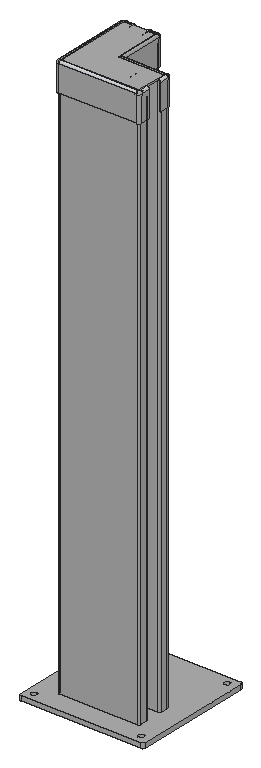
Revit family "Hjørnestolpe bunnplate", category Balusters, Revit 2019
Family settings
  OmniClass Number = 23.30.80.11.11.14
  OmniClass Title = Posts, Newel Posts, Pickets
  Always vertical = Yes
  Cut with Voids When Loaded = No
  Shared = No
Parameters (values of type "Hjørnestolpe bunnplate")
  built-in parameter 1008623 [instance] = (empty or 0)
  built-in parameter 1008625 [instance] = (empty or 0)
  Post = no
  Material = Stål 316
  built-in parameter 1008624 [instance] = (empty or 0)
  built-in parameter 1008622 [instance] = 750 mm
Types (2, lengths in mm): name | Material
  Hjørnestolpe bunnplate | Stål 316
  Hjørnestolpe bunnplate_sort | Pulverlakkert stål RAL 7021
Reference planes
  plane 1 "Center (Front/Back)": y = 0
  plane 2: z = 0
  plane 3 "Center (Left/Right)": x = 0
  plane 4 "Top": z = 750
  plane 5 "Top of Post": z = 1010
Forms (mm)
  Extrusion 1, solid, material "Stål 316" <- "Material"
    sketch origin (40, 40, 0) x (0, 1, 0) y (-1, 0, 0)
      loop
        arc (-110, -105) -> (-108.536, -108.536) -> (-105, -110) r 5
        line (-105, -110) -> (105, -110)
        arc (105, -110) -> (108.536, -108.536) -> (110, -105) r 5
        line (110, -105) -> (110, 105)
        arc (110, 105) -> (108.536, 108.536) -> (105, 110) r 5
        line (105, 110) -> (-105, 110)
        arc (-105, 110) -> (-108.536, 108.536) -> (-110, 105) r 5
        line (-110, 105) -> (-110, -105)
      loop
        circle (-95, 95) r 5
      loop
        circle (95, 95) r 5
      loop
        circle (95, -95) r 5
      loop
        circle (-95, -95) r 5
    from 0 to 8
  Extrusion 2, solid, material "Stål 316" <- "Material"
    sketch origin (40, 40, 0) x (0, 1, 0) y (-1, 0, 0)
      loop
        line (-72, 68.5) -> (-72, -69.5)
        arc (-72, -69.5) -> (-70.975, -71.975) -> (-68.5, -73) r 3.5
        line (-68.5, -73) -> (-56.5, -73)
        arc (-56.5, -73) -> (-54.025, -71.975) -> (-53, -69.5) r 3.5
        line (-53, -69.5) -> (-53, -37.5)
        arc (-53, -37.5) -> (-52.561, -36.439) -> (-51.5, -36) r 1.5
        line (-51.5, -36) -> (-28.5, -36)
        arc (-28.5, -36) -> (-27.439, -36.439) -> (-27, -37.5) r 1.5
        line (-27, -37.5) -> (-27, -69.5)
        arc (-27, -69.5) -> (-25.975, -71.975) -> (-23.5, -73) r 3.5
        line (-23.5, -73) -> (-11.5, -73)
        arc (-11.5, -73) -> (-9.025, -71.975) -> (-8, -69.5) r 3.5
        line (-8, -69.5) -> (-8, 6.5)
        arc (-8, 6.5) -> (-7.561, 7.561) -> (-6.5, 8) r 1.5
        line (-6.5, 8) -> (69.5, 8)
        arc (69.5, 8) -> (71.975, 9.025) -> (73, 11.5) r 3.5
        line (73, 11.5) -> (73, 23.5)
        arc (73, 23.5) -> (71.975, 25.975) -> (69.5, 27) r 3.5
        line (69.5, 27) -> (37.5, 27)
        arc (37.5, 27) -> (36.439, 27.439) -> (36, 28.5) r 1.5
        line (36, 28.5) -> (36, 51.5)
        arc (36, 51.5) -> (36.439, 52.561) -> (37.5, 53) r 1.5
        line (37.5, 53) -> (69.5, 53)
        arc (69.5, 53) -> (71.975, 54.025) -> (73, 56.5) r 3.5
        line (73, 56.5) -> (73, 68.5)
        arc (73, 68.5) -> (71.975, 70.975) -> (69.5, 72) r 3.5
        line (69.5, 72) -> (-68.5, 72)
        arc (-68.5, 72) -> (-70.975, 70.975) -> (-72, 68.5) r 3.5
      loop
        arc (-28.5, -34) -> (-26.025, -35.025) -> (-25, -37.5) r 3.5
        line (-25, -37.5) -> (-25, -69.5)
        arc (-25, -69.5) -> (-24.561, -70.561) -> (-23.5, -71) r 1.5
        line (-23.5, -71) -> (-11.5, -71)
        arc (-11.5, -71) -> (-10.439, -70.561) -> (-10, -69.5) r 1.5
        line (-10, -69.5) -> (-10, 6.5)
        arc (-10, 6.5) -> (-8.975, 8.975) -> (-6.5, 10) r 3.5
        line (-6.5, 10) -> (69.5, 10)
        arc (69.5, 10) -> (70.561, 10.439) -> (71, 11.5) r 1.5
        line (71, 11.5) -> (71, 23.5)
        arc (71, 23.5) -> (70.561, 24.561) -> (69.5, 25) r 1.5
        line (69.5, 25) -> (37.5, 25)
        arc (37.5, 25) -> (35.025, 26.025) -> (34, 28.5) r 3.5
        line (34, 28.5) -> (34, 51.5)
        arc (34, 51.5) -> (35.025, 53.975) -> (37.5, 55) r 3.5
        line (37.5, 55) -> (69.5, 55)
        arc (69.5, 55) -> (70.561, 55.439) -> (71, 56.5) r 1.5
        line (71, 56.5) -> (71, 68.5)
        arc (71, 68.5) -> (70.561, 69.561) -> (69.5, 70) r 1.5
        line (69.5, 70) -> (-68.5, 70)
        arc (-68.5, 70) -> (-69.561, 69.561) -> (-70, 68.5) r 1.5
        line (-70, 68.5) -> (-70, -69.5)
        arc (-70, -69.5) -> (-69.561, -70.561) -> (-68.5, -71) r 1.5
        line (-68.5, -71) -> (-56.5, -71)
        arc (-56.5, -71) -> (-55.439, -70.561) -> (-55, -69.5) r 1.5
        line (-55, -69.5) -> (-55, -37.5)
        arc (-55, -37.5) -> (-53.975, -35.025) -> (-51.5, -34) r 3.5
        line (-51.5, -34) -> (-28.5, -34)
    from 8 to 1008
  Extrusion 3, solid, material "Stål 316" <- "Material", not visible
    sketch origin (0, 0, 0) x (1, 0, 0) y (0, 1, 0)
      loop
        arc (-32, 69) -> (-30.975, 71.475) -> (-28.5, 72.5) r 3.5
        line (-28.5, 72.5) -> (109.5, 72.5)
        arc (109.5, 72.5) -> (111.975, 71.475) -> (113, 69) r 3.5
        line (113, 69) -> (113, 53.5) -> (115, 53.5) -> (115, 69)
        arc (115, 69) -> (113.389, 72.889) -> (109.5, 74.5) r 5.5
        line (109.5, 74.5) -> (-4.19, 74.5) -> (-28.5, 74.5)
        arc (-28.5, 74.5) -> (-32.389, 72.889) -> (-34, 69) r 5.5
        line (-34, 69) -> (-34, -69)
        arc (-34, -69) -> (-32.389, -72.889) -> (-28.5, -74.5) r 5.5
        line (-28.5, -74.5) -> (-13, -74.5) -> (-13, -72.5) -> (-28.5, -72.5)
        arc (-28.5, -72.5) -> (-30.975, -71.475) -> (-32, -69) r 3.5
        line (-32, -69) -> (-32, 69)
      loop
        line (32, 8.5) -> (32, -69)
        arc (32, -69) -> (30.975, -71.475) -> (28.5, -72.5) r 3.5
        line (28.5, -72.5) -> (13, -72.5) -> (13, -74.5) -> (28.5, -74.5)
        arc (28.5, -74.5) -> (32.389, -72.889) -> (34, -69) r 5.5
        line (34, -69) -> (34, 6.5) -> (109.5, 6.5)
        arc (109.5, 6.5) -> (113.389, 8.111) -> (115, 12) r 5.5
        line (115, 12) -> (115, 27.5) -> (113, 27.5) -> (113, 12)
        arc (113, 12) -> (111.975, 9.525) -> (109.5, 8.5) r 3.5
        line (109.5, 8.5) -> (32, 8.5)
    from 960 to 1006
  Revolve 4, solid, material "Stål 316" <- "Material", not visible
    sketch origin (0, -69, 0) x (-1, 0, 0) y (0, 0, 1)
      loop
        line (28.5, 1006) -> (34, 1006)
        arc (34, 1006) -> (32.828, 1008.828) -> (30, 1010) r 4
        line (30, 1010) -> (28.5, 1010) -> (28.5, 1006)
      axis (28.5, 1006) -> (28.5, 1010)
    angle from 0 to 90
  Revolve 5, solid, material "Stål 316" <- "Material", not visible
    sketch origin (0, -69, 0) x (1, 0, 0) y (0, 0, -1)
      loop
        line (28.5, -1006) -> (28.5, -1010) -> (30, -1010)
        arc (30, -1010) -> (32.828, -1008.828) -> (34, -1006) r 4
        line (34, -1006) -> (28.5, -1006)
      axis (28.5, -1006) -> (28.5, -1010)
    angle from 0 to 90
  Revolve 6, solid, material "Stål 316" <- "Material", not visible
    sketch origin (0, 69, 0) x (-1, 0, 0) y (0, 0, -1)
      loop
        line (28.5, -1006) -> (28.5, -1010) -> (30, -1010)
        arc (30, -1010) -> (32.828, -1008.828) -> (34, -1006) r 4
        line (34, -1006) -> (28.5, -1006)
      axis (28.5, -1006) -> (28.5, -1010)
    angle from 0 to 90
  Extrusion 7, solid, not visible
    sketch origin (-28.5, -69, 1006) x (0, 0, 1) y (0, -1, 0)
      loop
        arc (4, 1.5) -> (2.828, 4.328) -> (0, 5.5) r 4
        line (0, 5.5) -> (0, 0) -> (4, 0) -> (4, 1.5)
    from 0 to 57
  Extrusion 8, solid, material "Stål 316" <- "Material", not visible
    sketch origin (-28.5, 69, 1006) x (0, 0, 1) y (0, -1, 0)
      loop
        line (4, -1.5) -> (4, 0) -> (0, 0) -> (0, -5.5)
        arc (0, -5.5) -> (2.828, -4.328) -> (4, -1.5) r 4
    from 0 to 138
  Extrusion 9, solid, not visible
    sketch origin (109.5, 12, 1006) x (0, 0, 1) y (1, 0, 0)
      loop
        arc (4, 1.5) -> (2.828, 4.328) -> (0, 5.5) r 4
        line (0, 5.5) -> (0, 0) -> (4, 0) -> (4, 1.5)
    from 0 to 57
  Revolve 10, solid, material "Stål 316" <- "Material", not visible
    sketch origin (109.5, 40.5, 0) x (0, -1, 0) y (0, 0, 1)
      loop
        line (28.5, 1006) -> (34, 1006)
        arc (34, 1006) -> (32.828, 1008.828) -> (30, 1010) r 4
        line (30, 1010) -> (28.5, 1010) -> (28.5, 1006)
      axis (28.5, 1006) -> (28.5, 1010)
    angle from 0 to 90
  Revolve 11, solid, material "Stål 316" <- "Material", not visible
    sketch origin (109.5, 40.5, 0) x (0, 1, 0) y (0, 0, -1)
      loop
        line (28.5, -1006) -> (28.5, -1010) -> (30, -1010)
        arc (30, -1010) -> (32.828, -1008.828) -> (34, -1006) r 4
        line (34, -1006) -> (28.5, -1006)
      axis (28.5, -1006) -> (28.5, -1010)
    angle from 0 to 90
  Extrusion 12, solid, not visible
    sketch origin (-28.5, -69, 1006) x (0, 0, 1) y (1, 0, 0)
      loop
        line (4, -1.5) -> (4, 0) -> (0, 0) -> (0, -5.5)
        arc (0, -5.5) -> (2.828, -4.328) -> (4, -1.5) r 4
    from 0 to 138
  Extrusion 13, solid, material "Stål 316" <- "Material", not visible
    sketch origin (0, 40.5, -2) x (0, -1, 0) y (1, 0, 0)
      loop
        line (28.5, 109.5) -> (-28.5, 109.5) -> (-28.5, -28.5) -> (109.5, -28.5) -> (109.5, 28.5) -> (28.5, 28.5) -> (28.5, 109.5)
    from 1010 to 1012
  Extrusion 14, void
    sketch origin (-33.75, 0, 0) x (1, 0, 0) y (0, 0, 1)
      loop
        line (46.75, 1021.219) -> (20.75, 1021.219) -> (20.75, 1000.393) -> (46.75, 1000.393) -> (46.75, 1021.219)
    from -144.776 to -76
  Extrusion 15, void
    sketch origin (0, 0, 0) x (0, 1, 0) y (0, 0, 1)
      loop
        line (13, 1010) -> (-13, 1010) -> (-13, 970.614) -> (13, 970.614) -> (13, 1010)
    from 76 to 126.24
  Sweep 16, solid, material "Stål 316" <- "Material", not visible
    path origin (0, 40.5, -2) x (0, -1, 0) y (1, 0, 0)
      loop
        line (109.5, 28.5) -> (28.5, 28.5) -> (28.5, 109.5)
    profile origin (69, 12, -2) x (0, 1, 0) y (0, 0, 1)
      loop
        line (0, 1012) -> (-1.5, 1012)
        arc (-1.5, 1012) -> (-4.328, 1010.828) -> (-5.5, 1008) r 4
        line (-5.5, 1008) -> (0, 1008) -> (0, 1012)
  Extrusion 17, solid, material "Stål 316" <- "Material"
    sketch origin (40.5, 0, 0) x (0, 1, 0) y (-1, 0, 0)
      loop
        arc (-32, 69) -> (-30.975, 71.475) -> (-28.5, 72.5) r 3.5
        line (-28.5, 72.5) -> (109.5, 72.5)
        arc (109.5, 72.5) -> (111.975, 71.475) -> (113, 69) r 3.5
        line (113, 69) -> (113, 53.5) -> (115, 53.5) -> (115, 69)
        arc (115, 69) -> (113.389, 72.889) -> (109.5, 74.5) r 5.5
        line (109.5, 74.5) -> (-4.19, 74.5) -> (-28.5, 74.5)
        arc (-28.5, 74.5) -> (-32.389, 72.889) -> (-34, 69) r 5.5
        line (-34, 69) -> (-34, -69)
        arc (-34, -69) -> (-32.389, -72.889) -> (-28.5, -74.5) r 5.5
        line (-28.5, -74.5) -> (-13, -74.5) -> (-13, -72.5) -> (-28.5, -72.5)
        arc (-28.5, -72.5) -> (-30.975, -71.475) -> (-32, -69) r 3.5
        line (-32, -69) -> (-32, 69)
      loop
        line (32, 8.5) -> (32, -69)
        arc (32, -69) -> (30.975, -71.475) -> (28.5, -72.5) r 3.5
        line (28.5, -72.5) -> (13, -72.5) -> (13, -74.5) -> (28.5, -74.5)
        arc (28.5, -74.5) -> (32.389, -72.889) -> (34, -69) r 5.5
        line (34, -69) -> (34, 6.5) -> (109.5, 6.5)
        arc (109.5, 6.5) -> (113.389, 8.111) -> (115, 12) r 5.5
        line (115, 12) -> (115, 27.5) -> (113, 27.5) -> (113, 12)
        arc (113, 12) -> (111.975, 9.525) -> (109.5, 8.5) r 3.5
        line (109.5, 8.5) -> (32, 8.5)
    from 960 to 1006
  Revolve 18, solid, material "Stål 316" <- "Material"
    sketch origin (109.5, 0, 0) x (0, -1, 0) y (0, 0, 1)
      loop
        line (28.5, 1006) -> (34, 1006)
        arc (34, 1006) -> (32.828, 1008.828) -> (30, 1010) r 4
        line (30, 1010) -> (28.5, 1010) -> (28.5, 1006)
      axis (28.5, 1006) -> (28.5, 1010)
    angle from 0 to 90
  Revolve 19, solid, material "Stål 316" <- "Material"
    sketch origin (109.5, 0, 0) x (0, 1, 0) y (0, 0, -1)
      loop
        line (28.5, -1006) -> (28.5, -1010) -> (30, -1010)
        arc (30, -1010) -> (32.828, -1008.828) -> (34, -1006) r 4
        line (34, -1006) -> (28.5, -1006)
      axis (28.5, -1006) -> (28.5, -1010)
    angle from 0 to 90
  Revolve 20, solid, material "Stål 316" <- "Material"
    sketch origin (-28.5, 0, 0) x (0, -1, 0) y (0, 0, -1)
      loop
        line (28.5, -1006) -> (28.5, -1010) -> (30, -1010)
        arc (30, -1010) -> (32.828, -1008.828) -> (34, -1006) r 4
        line (34, -1006) -> (28.5, -1006)
      axis (28.5, -1006) -> (28.5, -1010)
    angle from 0 to 90
  Extrusion 21, solid
    sketch origin (109.5, -28.5, 1006) x (0, 0, 1) y (1, 0, 0)
      loop
        arc (4, 1.5) -> (2.828, 4.328) -> (0, 5.5) r 4
        line (0, 5.5) -> (0, 0) -> (4, 0) -> (4, 1.5)
    from 0 to 57
  Extrusion 22, solid, material "Stål 316" <- "Material"
    sketch origin (-28.5, -28.5, 1006) x (0, 0, 1) y (1, 0, 0)
      loop
        line (4, -1.5) -> (4, 0) -> (0, 0) -> (0, -5.5)
        arc (0, -5.5) -> (2.828, -4.328) -> (4, -1.5) r 4
    from 0 to 138
  Extrusion 23, solid
    sketch origin (28.5, 109.5, 1006) x (0, 0, 1) y (0, 1, 0)
      loop
        arc (4, 1.5) -> (2.828, 4.328) -> (0, 5.5) r 4
        line (0, 5.5) -> (0, 0) -> (4, 0) -> (4, 1.5)
    from 0 to 57
  Revolve 24, solid, material "Stål 316" <- "Material"
    sketch origin (0, 109.5, 0) x (1, 0, 0) y (0, 0, 1)
      loop
        line (28.5, 1006) -> (34, 1006)
        arc (34, 1006) -> (32.828, 1008.828) -> (30, 1010) r 4
        line (30, 1010) -> (28.5, 1010) -> (28.5, 1006)
      axis (28.5, 1006) -> (28.5, 1010)
    angle from 0 to 90
  Revolve 25, solid, material "Stål 316" <- "Material"
    sketch origin (0, 109.5, 0) x (-1, 0, 0) y (0, 0, -1)
      loop
        line (28.5, -1006) -> (28.5, -1010) -> (30, -1010)
        arc (30, -1010) -> (32.828, -1008.828) -> (34, -1006) r 4
        line (34, -1006) -> (28.5, -1006)
      axis (28.5, -1006) -> (28.5, -1010)
    angle from 0 to 90
  Extrusion 26, solid
    sketch origin (109.5, -28.5, 1006) x (0, 0, 1) y (0, 1, 0)
      loop
        line (4, -1.5) -> (4, 0) -> (0, 0) -> (0, -5.5)
        arc (0, -5.5) -> (2.828, -4.328) -> (4, -1.5) r 4
    from 0 to 138
  Extrusion 27, solid, material "Stål 316" <- "Material"
    sketch origin (0, 0, -2) x (1, 0, 0) y (0, 1, 0)
      loop
        line (28.5, 109.5) -> (-28.5, 109.5) -> (-28.5, -28.5) -> (109.5, -28.5) -> (109.5, 28.5) -> (28.5, 28.5) -> (28.5, 109.5)
    from 1010 to 1012
  Sweep 28, solid, material "Stål 316" <- "Material"
    path origin (0, 0, -2) x (1, 0, 0) y (0, 1, 0)
      loop
        line (109.5, 28.5) -> (28.5, 28.5) -> (28.5, 109.5)
    profile origin (28.5, 69, -2) x (-1, 0, 0) y (0, 0, 1)
      loop
        line (0, 1012) -> (-1.5, 1012)
        arc (-1.5, 1012) -> (-4.328, 1010.828) -> (-5.5, 1008) r 4
        line (-5.5, 1008) -> (0, 1008) -> (0, 1012)
Cuts and joins
  Extrusion 15 cuts Extrusion 21
  Extrusion 14 cuts Extrusion 23
Lines and regions (mm)
  model lines, not visible
    curve 1: line (-28.5, 69, 1010) -> (-28.5, -69, 1010)
  symbolic lines, not visible
    curve 2: line (109.5, 12, 1008) -> (32, 12, 1008)
    curve 3: arc (32, 12, 1008) -> (29.525, 10.975, 1008) -> (28.5, 8.5, 1008) r 3.5
    curve 4: line (28.5, 8.5, 1008) -> (28.5, -69, 1008)
  model lines
    curve 5: line (-28.5, -28.5, 1010) -> (109.5, -28.5, 1010)
  symbolic lines
    curve 6: line (28.5, 109.5, 1008) -> (28.5, 32, 1008)
    curve 7: arc (28.5, 32, 1008) -> (29.525, 29.525, 1008) -> (32, 28.5, 1008) r 3.5
    curve 8: line (32, 28.5, 1008) -> (109.5, 28.5, 1008)
Text (mm)
  text "Baluster Post Elevation" at (0, 664.106, 1146.454), in view "Left"
Dimensions and locks
  "built-in parameter 1008622": plane 2 to plane 4 "Top"
  plane 5 "Top of Post" to plane 2 = 1010 mm
  aligned and locked: plane 2 to level
  aligned and locked: Extrusion 2 to Extrusion 1
Automatic sketch dimensions
  Extrusion 3 sketch curve to Extrusion 3 sketch curve = 0 mm  (x24)
  Extrusion 3 sketch curve to Extrusion 3 sketch curve = 2 mm  (x6)
  Extrusion 3 sketch curve to Extrusion 3 sketch curve = 3.5 mm  (x8)
  Extrusion 3 sketch curve to Extrusion 3 sketch curve = 15.5 mm  (x6)
  Extrusion 3 sketch curve to Extrusion 3 sketch curve = 24.31 mm  (x2)
  Extrusion 3 sketch curve to Extrusion 3 sketch curve = 26 mm  (x4)
  Extrusion 3 sketch curve to Extrusion 3 sketch curve = 36.19 mm  (x2)
  Extrusion 3 sketch curve to Extrusion 3 sketch curve = 75.5 mm  (x4)
  Extrusion 3 sketch curve to Extrusion 3 sketch curve = 60.5 mm  (x2)
  Revolve 4 sketch curve to Revolve 4 sketch curve = 1.5 mm  (x2)
  Revolve 4 sketch curve to Revolve 4 sketch curve = 4 mm  (x2)
  Revolve 4 sketch curve to Revolve 4 sketch curve = 0 mm  (x6)
  Revolve 5 sketch curve to Revolve 5 sketch curve = 1.5 mm  (x2)
  Revolve 5 sketch curve to Revolve 5 sketch curve = 4 mm  (x2)
  Revolve 5 sketch curve to Revolve 5 sketch curve = 0 mm  (x6)
  Revolve 6 sketch curve to Revolve 6 sketch curve = 1.5 mm  (x2)
  Revolve 6 sketch curve to Revolve 6 sketch curve = 4 mm  (x2)
  Revolve 6 sketch curve to Revolve 6 sketch curve = 0 mm  (x6)
  Extrusion 7 sketch curve to Revolve 4 = 0 mm  (x2)
  Extrusion 8 sketch curve to Revolve 4 = 0 mm  (x4)
  Extrusion 8 sketch curve to Revolve 4 = 143.5 mm  (x2)
  Extrusion 8 sketch curve to Extrusion 8 sketch curve = 1.5 mm  (x2)
  Extrusion 9 sketch curve to Extrusion 9 sketch curve = 4 mm  (x2)
  Extrusion 9 sketch curve to Extrusion 9 sketch curve = 1.5 mm  (x2)
  Revolve 10 sketch curve to Revolve 10 sketch curve = 1.5 mm  (x2)
  Revolve 10 sketch curve to Revolve 10 sketch curve = 4 mm  (x2)
  Revolve 10 sketch curve to Revolve 10 sketch curve = 0 mm  (x6)
  Revolve 11 sketch curve to Revolve 11 sketch curve = 1.5 mm  (x2)
  Revolve 11 sketch curve to Revolve 11 sketch curve = 4 mm  (x2)
  Revolve 11 sketch curve to Revolve 11 sketch curve = 0 mm  (x6)
  curve 1 to curve 1 = 138 mm
  curve 3 to curve 2 = 3.5 mm
  curve 3 to curve 2 = 77.5 mm
  curve 4 to curve 3 = 77.5 mm
  profile plane to Sweep 16 sketch curve = 1008 mm  (x2)
  Sweep 16 sketch curve to Sweep 16 sketch curve = 81 mm  (x4)
  Extrusion 13 sketch curve to Extrusion 13 sketch curve = 57 mm  (x4)
  Extrusion 13 sketch curve to Extrusion 13 sketch curve = 81 mm  (x3)
  curve 5 to curve 5 = 138 mm
  curve 7 to curve 6 = 3.5 mm
  curve 7 to curve 6 = 77.5 mm
  curve 8 to curve 7 = 77.5 mm
  Extrusion 17 sketch curve to Extrusion 17 sketch curve = 0 mm  (x12)
  Extrusion 17 sketch curve to Extrusion 17 sketch curve = 2 mm  (x3)
  Extrusion 17 sketch curve to Extrusion 17 sketch curve = 3.5 mm  (x4)
  Extrusion 17 sketch curve to Extrusion 17 sketch curve = 15.5 mm  (x3)
  Extrusion 17 sketch curve to Extrusion 17 sketch curve = 24.31 mm
  Extrusion 17 sketch curve to Extrusion 17 sketch curve = 26 mm  (x2)
  Extrusion 17 sketch curve to Extrusion 17 sketch curve = 36.19 mm
  Extrusion 17 sketch curve to Extrusion 17 sketch curve = 75.5 mm  (x2)
  Extrusion 17 sketch curve to Extrusion 17 sketch curve = 60.5 mm
  Revolve 18 sketch curve to Revolve 18 sketch curve = 1.5 mm
  Revolve 18 sketch curve to Revolve 18 sketch curve = 4 mm
  Revolve 18 sketch curve to Revolve 18 sketch curve = 0 mm  (x3)
  Revolve 19 sketch curve to Revolve 19 sketch curve = 1.5 mm
  Revolve 19 sketch curve to Revolve 19 sketch curve = 4 mm
  Revolve 19 sketch curve to Revolve 19 sketch curve = 0 mm  (x3)
  Revolve 20 sketch curve to Revolve 20 sketch curve = 1.5 mm
  Revolve 20 sketch curve to Revolve 20 sketch curve = 4 mm
  Revolve 20 sketch curve to Revolve 20 sketch curve = 0 mm  (x3)
  Extrusion 21 sketch curve to Revolve 18 = 0 mm
  Extrusion 22 sketch curve to Revolve 18 = 0 mm  (x2)
  Extrusion 22 sketch curve to Revolve 18 = 143.5 mm
  Extrusion 22 sketch curve to Extrusion 22 sketch curve = 1.5 mm
  Extrusion 23 sketch curve to Extrusion 23 sketch curve = 4 mm
  Extrusion 23 sketch curve to Extrusion 23 sketch curve = 1.5 mm
  Revolve 24 sketch curve to Revolve 24 sketch curve = 1.5 mm
  Revolve 24 sketch curve to Revolve 24 sketch curve = 4 mm
  Revolve 24 sketch curve to Revolve 24 sketch curve = 0 mm  (x3)
  Revolve 25 sketch curve to Revolve 25 sketch curve = 1.5 mm
  Revolve 25 sketch curve to Revolve 25 sketch curve = 4 mm
  Revolve 25 sketch curve to Revolve 25 sketch curve = 0 mm  (x3)
  Extrusion 26 sketch curve to Extrusion 26 sketch curve = 4 mm
  Extrusion 26 sketch curve to Extrusion 26 sketch curve = 1.5 mm
  Extrusion 27 sketch curve to Extrusion 27 sketch curve = 57 mm  (x2)
  Extrusion 27 sketch curve to Extrusion 27 sketch curve = 81 mm  (x2)
  Sweep 28 sketch curve to Sweep 28 sketch curve = 81 mm  (x2)
  Sweep 28 sketch curve to profile plane = 0 mm
  profile plane to Sweep 28 sketch curve = 1.5 mm
  Sweep 28 sketch curve to Sweep 28 sketch curve = 4 mm
  profile plane to Sweep 28 sketch curve = 1008 mm
  Extrusion 12 sketch curve to Extrusion 12 sketch curve = 4 mm
  Extrusion 12 sketch curve to Extrusion 12 sketch curve = 1.5 mm
  Sweep 16 sketch curve to profile plane = 0 mm
  profile plane to Sweep 16 sketch curve = 1.5 mm
  Sweep 16 sketch curve to Sweep 16 sketch curve = 4 mm
  plane 1 "Center (Front/Back)" to Extrusion 1 sketch curve = 70 mm
  Extrusion 1 sketch curve to Extrusion 1 sketch curve = 5 mm  (x3)
  Extrusion 1 sketch curve to Extrusion 1 sketch curve = 10 mm  (x7)
  Extrusion 1 sketch curve to plane 1 "Center (Front/Back)" = 135 mm  (x2)
  plane 3 "Center (Left/Right)" to Extrusion 1 sketch curve = 150 mm
  Extrusion 1 sketch curve to plane 3 "Center (Left/Right)" = 55 mm  (x2)
  Extrusion 2 sketch curve to Extrusion 2 sketch curve = 0 mm  (x31)
  plane 1 "Center (Front/Back)" to Extrusion 2 sketch curve = 32 mm
  Extrusion 2 sketch curve to Extrusion 2 sketch curve = 2 mm
  Extrusion 2 sketch curve to Extrusion 2 sketch curve = 1.5 mm  (x11)
  Extrusion 2 sketch curve to Extrusion 2 sketch curve = 12 mm  (x4)
  Extrusion 2 sketch curve to plane 1 "Center (Front/Back)" = 11.5 mm
  Extrusion 2 sketch curve to plane 1 "Center (Front/Back)" = 13 mm
  Extrusion 2 sketch curve to Extrusion 2 sketch curve = 40.5 mm
  Extrusion 2 sketch curve to Extrusion 2 sketch curve = 32 mm  (x3)
  plane 3 "Center (Left/Right)" to Extrusion 2 sketch curve = 32 mm
  plane 3 "Center (Left/Right)" to Extrusion 2 sketch curve = 74 mm
  Extrusion 2 sketch curve to Extrusion 2 sketch curve = 23 mm
  Extrusion 14 sketch curve to plane 5 "Top of Post" = 11.219 mm
  Extrusion 14 sketch curve to plane 3 "Center (Left/Right)" = 13 mm
  plane 5 "Top of Post" to Extrusion 14 sketch curve = 9.607 mm
  plane 3 "Center (Left/Right)" to Extrusion 14 sketch curve = 13 mm
  plane 5 "Top of Post" to Extrusion 15 sketch curve = 0 mm
  plane 1 "Center (Front/Back)" to Extrusion 15 sketch curve = 13 mm
  plane 5 "Top of Post" to Extrusion 15 sketch curve = 39.386 mm
  Extrusion 15 sketch curve to plane 1 "Center (Front/Back)" = 13 mm
  radius of Extrusion 7 sketch curve to Revolve 4 = 0 mm  (x2)
  radius of Extrusion 21 sketch curve to Revolve 18 = 0 mm
  radius of Extrusion 1 sketch curve = 5 mm  (x4)
